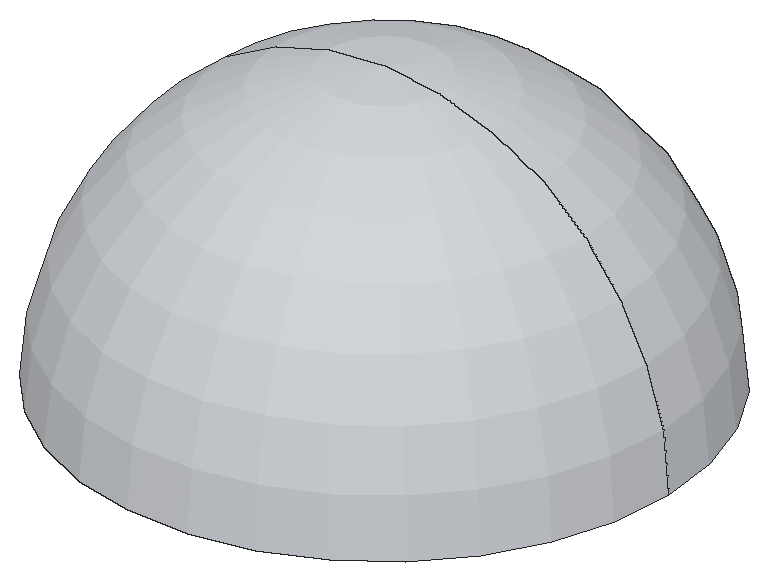
Revit family "Braille Dot", category Generic Models, Revit 2024
Family settings
  Can host rebar = No
  Round Connector Dimension = Use Diameter
  Part Type = Normal
  Work Plane-Based = No
  Always vertical = Yes
  Cut with Voids When Loaded = No
  Maintain Annotation Orientation = No
  Shared = No
  Room Calculation Point = No
Parameters
  R = 0' - 1 1/4"
  Default Elevation = 0' - 0"
Reference planes (in)
  plane 1 "Center (Front/Back)": y = 0
  plane 2: z = 0
  plane 3 "Center (Left/Right)": x = 0
  plane 4: z = 1.25
  plane 5: z = -1.25
  plane 6: x = 1.25
  plane 7: x = -1.25
  plane 8: y = 1.25
  plane 9: y = -1.25
Forms (in)
  Revolve 1, solid
    sketch origin (0, 0, 0) x (1, 0, 0) y (0, 0, 1)
      loop
        line (0, 1.25) -> (0, -1.25)
        arc (0, -1.25) -> (1.25, 0) -> (0, 1.25) r 1.25
      axis (0, 1.25) -> (0, -1.25)
    angle from 0 to 360
  Extrusion 2, void
    sketch origin (0, 0, 0) x (1, 0, 0) y (0, 0, 1)
      loop
        line (-1.25, 0) -> (-1.25, -1.25) -> (1.25, -1.25) -> (1.25, 0) -> (-1.25, 0)
    from -1.25 to 1.25
Cuts and joins
  Extrusion 2 cuts Revolve 1
Dimensions and locks (in)
  "R": plane 4 to level
  "R": level to plane 5
  "R": plane 6 to plane 3 "Center (Left/Right)"
  "R": plane 3 "Center (Left/Right)" to plane 7
  "R": plane 8 to plane 1 "Center (Front/Back)"
  "R": plane 1 "Center (Front/Back)" to plane 9
  "R": radius of Revolve 1 sketch curve
  aligned and locked: plane 2 to level
  aligned and locked: Revolve 1 sketch curve to plane 3 "Center (Left/Right)"
  aligned and locked: plane 5 to Revolve 1 sketch curve  (x2)
  aligned and locked: plane 4 to Revolve 1 sketch curve  (x2)
  aligned and locked: plane 5 to Extrusion 2 sketch curve
  aligned and locked: Extrusion 2 sketch curve to plane 6
  aligned and locked: plane 7 to Extrusion 2
  aligned and locked: cut or joined group of Revolve 1, Extrusion 2 to plane 8
  aligned and locked: Extrusion 2 to plane 9
Automatic sketch dimensions
  Revolve 1 sketch curve to plane 3 "Center (Left/Right)" = 0' - 0"
  Revolve 1 sketch curve to Revolve 1 sketch curve = 0' - 0"
  Extrusion 2 sketch curve to level = 0' - 0"
  Extrusion 2 sketch curve to plane 3 "Center (Left/Right)" = 0' - 1 1/4"
